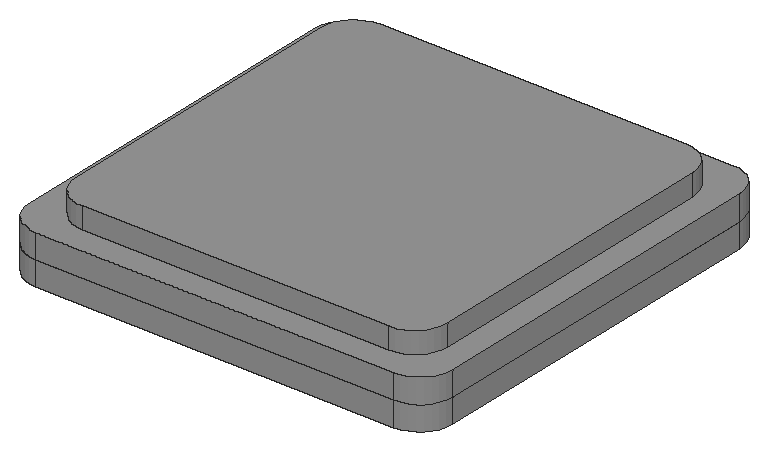
Revit family "FMS2_63_UN_Surface-mounted_ETK", category Lighting Fixtures, Revit 2019 (continued)
Definition of nested family "FMS.2 - Lightsource"
  Parameters (values of type "FMS.1110.10 - Ø270 / 18W / 1120lm / 4000K")
      \t186.7112\r\n182.5682\t178.2871\t174.1441\t170.0011\t165.8581\t161.7151\t157.5721\t153.4291\t149.4242\t145.2812\r\n141.2763\t137.2438\t133.2389\t129.2478\t125.2705\t121.307\t117.3574\t113.4353\t109.5685\t105.8675\r\n102.1802\t98.5205\t94.8609\t91.2012\t87.583\t83.9786\t80.4018\t76.8388\t73.3035\t69.7819\r\n66.288\t62.7941\t59.3278\t55.8615\t52.4228\t47.3821\t37.7704\t28.1586\t18.533\t8.9033\r\n0\t0\t0\t0\t0\t0\t0\t0\t0\t0\r\n0\r\n502.9602\t502.5459\t501.9935\t501.7173\t501.4411\t501.1649\t500.8887\t500.4744\t500.0601\t499.6458\r\n499.2315\t498.6791\t498.1267\t497.5743\t496.8838\t496.1933\t495.5028\t494.8123\t493.9837\t493.1551\r\n492.1884\t491.2217\t490.3931\t489.4264\t488.4597\t487.493\t486.3882\t485.1453\t483.9024\t482.6595\r\n481.4166\t480.1737\t478.7927\t477.2736\t475.8926\t474.3735\t472.8544\t471.4734\t469.8162\t468.159\r\n466.5018\t464.8446\t463.1874\t461.5302\t459.7349\t457.9396\t456.0062\t454.2109\t452.2775\t450.206\r\n448.2726\t446.3392\t444.2677\t442.1962\t440.1247\t437.9151\t435.8436\t433.634\t431.5625\t429.2148\r\n427.0052\t424.6575\t422.3098\t420.1002\t417.7525\t415.2667\t412.2285\t409.1903\t406.014\t402.8377\r\n399.6614\t396.4851\t393.3088\t390.2706\t387.0943\t383.7799\t380.6036\t377.2892\t374.1129\t370.7985\r\n367.4841\t364.1697\t360.9934\t357.679\t354.3646\t350.9121\t347.5977\t344.1452\t340.8308\t337.5164\r\n334.0639\t330.6114\t327.1589\t323.8445\t320.392\t317.0776\t313.6251\t310.1726\t306.7201\t303.2676\r\n299.8151\t296.3626\t292.9101\t289.5957\t286.1432\t282.6907\t279.2382\t275.7857\t272.057\t268.1902\r\n264.1853\t260.1804\t256.3136\t252.3087\t248.1657\t244.1608\t240.1559\t236.2891\t232.2842\t228.2793\r\n224.4125\t220.4076\t216.5408\t212.5359\t208.6691\t204.6642\t200.7974\t196.9306\t193.0638\t189.197\r\n185.3302\t181.6015\t177.7347\t174.006\t170.1392\t165.9962\t161.7151\t157.5721\t153.291\t149.148\r\n145.005\t140.862\t136.7742\t132.6727\t128.5849\t124.5248\t120.4922\t116.5012\t112.5239\t108.5742\r\n104.6384\t100.7163\t96.8081\t93.038\t89.4059\t85.8153\t82.2385\t78.7032\t75.1816\t71.6877\r\n68.2214\t64.7689\t61.344\t57.933\t54.5495\t51.1799\t47.824\t44.482\t34.9807\t24.9409\r\n14.8872\t4.8073\t0\t0\t0\t0\t0\t0\t0\t0\r\n0\r\n502.9602\t502.5459\t502.1316\t501.9935\t501.7173\t501.5792\t501.303\t501.0268\t500.6125\t500.3363\r\n499.922\t499.3696\t498.8172\t498.2648\t497.7124\t497.16\t496.4695\t495.779\t494.9504\t494.1218\r\n493.2932\t492.3265\t491.4979\t490.6693\t489.7026\t488.5978\t487.493\t486.2501\t485.0072\t483.7643\r\n482.5214\t481.1404\t479.7594\t478.3784\t476.8593\t475.3402\t473.9592\t472.302\t470.6448\t468.9876\r\n467.3304\t465.6732\t463.8779\t462.2207\t460.2873\t458.492\t456.4205\t454.4871\t452.5537\t450.4822\r\n448.4107\t446.3392\t444.2677\t442.0581\t439.9866\t437.777\t435.5674\t433.2197\t430.872\t428.5243\r\n426.3147\t423.8289\t421.4812\t419.1335\t416.6477\t414.1619\t411.538\t408.9141\t406.4283\t403.8044\r\n401.3186\t398.6947\t395.9327\t393.3088\t390.6849\t387.9229\t385.1609\t381.9846\t378.6702\t375.3558\r\n371.9033\t368.5889\t365.1364\t361.6839\t358.3695\t354.917\t351.4645\t348.012\t344.4214\t340.9689\r\n337.5164\t334.0639\t330.4733\t326.8827\t323.4302\t319.9777\t316.3871\t312.6584\t309.0678\t305.6153\r\n302.0247\t298.4341\t294.8435\t291.2529\t287.6623\t284.0717\t280.4811\t276.8905\t273.2999\t269.5712\r\n265.9806\t262.39\t258.7994\t255.0707\t251.4801\t247.8895\t244.2989\t240.5702\t236.9796\t233.2509\r\n229.1079\t224.9649\t220.96\t216.817\t212.674\t208.531\t204.5261\t200.5212\t196.3782\t192.3733\r\n188.3684\t184.3635\t180.3586\t176.3537\t172.4869\t168.482\t164.6152\t160.6103\t156.7435\t152.8767\r\n149.0099\t145.2812\t141.4144\t137.2576\t133.0179\t128.8197\t124.6491\t120.5475\t116.4735\t112.4134\r\n108.3809\t104.3622\t100.3849\t96.4352\t92.4994\t88.605\t84.7244\t80.899\t77.1979\t73.6902\r\n70.21\t66.7713\t63.3741\t60.0045\t56.6624\t53.3342\t50.0198\t46.733\t43.4739\t40.2147\r\n33.434\t22.676\t11.8849\t1.0588\t0\t0\t0\t0\t0\t0\r\n0\r\n502.9602\t502.684\t502.2697\t502.1316\t502.1316\t501.9935\t501.7173\t501.5792\t501.303\t500.8887\r\n500.6125\t500.0601\t499.6458\t499.2315\t498.6791\t498.1267\t497.4362\t496.7457\t496.0552\t495.2266\r\n494.398\t493.5694\t492.7408\t491.9122\t490.9455\t489.8407\t488.5978\t487.493\t486.3882\t485.2834\r\n483.9024\t482.5214\t481.0023\t479.6213\t478.2403\t476.8593\t475.2021\t473.683\t472.0258\t470.3686\r\n468.7114\t466.9161\t465.1208\t463.3255\t461.3921\t459.4587\t457.5253\t455.4538\t453.5204\t451.4489\r\n449.3774\t447.1678\t445.0963\t442.8867\t440.6771\t438.3294\t435.9817\t433.634\t431.2863\t428.9386\r\n426.4528\t423.967\t421.6193\t418.9954\t416.5096\t413.8857\t411.2618\t408.6379\t405.8759\t403.252\r\n400.49\t397.8661\t395.1041\t392.3421\t389.442\t386.68\t383.7799\t381.0179\t377.9797\t375.0796\r\n372.1795\t369.2794\t366.3793\t363.3411\t360.3029\t357.2647\t354.2265\t351.1883\t348.1501\t345.1119\r\n341.9356\t338.8974\t335.8592\t332.1305\t328.4018\t324.8112\t321.2206\t317.4919\t313.9013\t310.1726\r\n306.4439\t302.7152\t299.1246\t295.3959\t291.6672\t287.8004\t284.0717\t280.343\t276.4762\t272.7475\r\n269.0188\t265.2901\t261.4233\t257.6946\t253.8278\t250.0991\t246.2323\t242.5036\t238.6368\t234.77\r\n231.0413\t227.3126\t223.4458\t219.579\t215.8503\t211.9835\t208.2548\t204.5261\t200.7974\t196.9306\r\n193.2019\t189.4732\t185.4683\t181.3253\t177.0442\t172.9012\t168.7582\t164.6152\t160.6103\t156.4673\r\n152.4624\t148.3194\t144.3145\t140.3096\t136.3047\t132.355\t128.4882\t124.6629\t120.8237\t117.0121\r\n113.2282\t109.4304\t105.2184\t101.0754\t97.0152\t93.0103\t89.0469\t85.111\t81.2166\t77.3636\r\n73.5521\t69.7819\t66.067\t62.4074\t59.0239\t55.6819\t52.3675\t49.0669\t45.8078\t42.5624\r\n39.3447\t36.1546\t32.9921\t21.5298\t9.4198\t0\t0\t0\t0\t0\r\n0\r\n502.9602\t502.684\t502.4078\t502.4078\t502.4078\t502.2697\t502.2697\t501.9935\t501.8554\t501.5792\r\n501.303\t500.8887\t500.4744\t500.0601\t499.6458\t499.0934\t498.541\t497.8505\t497.16\t496.3314\r\n495.6409\t494.8123\t494.1218\t493.2932\t492.3265\t491.2217\t490.1169\t489.0121\t488.0454\t486.8025\r\n485.4215\t484.0405\t482.6595\t481.4166\t480.0356\t478.5165\t476.9974\t475.3402\t473.8211\t472.1639\r\n470.3686\t468.5733\t466.778\t464.9827\t463.0493\t461.1159\t459.1825\t457.2491\t455.1776\t453.1061\r\n450.8965\t448.825\t446.6154\t444.4058\t442.1962\t439.8485\t437.5008\t435.1531\t432.6673\t430.1815\r\n427.6957\t425.348\t422.7241\t420.1002\t417.4763\t414.8524\t412.2285\t409.4665\t406.7045\t403.9425\r\n401.3186\t398.5566\t395.6565\t392.7564\t389.8563\t386.9562\t384.0561\t381.0179\t378.1178\t375.0796\r\n372.0414\t369.1413\t366.1031\t362.9268\t359.7505\t356.7123\t353.536\t350.3597\t347.1834\t344.1452\r\n340.9689\t337.5164\t334.202\t331.0257\t327.8494\t324.535\t321.2206\t317.7681\t314.4537\t311.1393\r\n307.8249\t304.5105\t301.1961\t297.7436\t294.2911\t290.8386\t287.248\t283.9336\t280.6192\t277.1667\r\n273.5761\t270.1236\t266.6711\t263.0805\t259.628\t255.7612\t251.8944\t247.8895\t243.8846\t239.8797\r\n236.0129\t232.008\t228.1412\t224.1363\t220.1314\t215.9884\t211.9835\t208.1167\t204.1118\t200.1069\r\n196.102\t192.0971\t188.0922\t184.2254\t180.3586\t176.4918\t172.4869\t168.482\t164.4771\t160.6103\r\n156.7435\t152.8767\t149.0099\t145.1431\t141.4144\t137.589\t133.7913\t129.7864\t125.6158\t121.4728\r\n117.3712\t113.2696\t109.1957\t105.2046\t101.2411\t97.2776\t93.4108\t89.5855\t85.8015\t82.0866\r\n78.4132\t74.5878\t70.7348\t66.9371\t63.1946\t59.5073\t55.8615\t52.2432\t48.625\t45.0206\r\n41.43\t37.8256\t34.1936\t30.603\t27.0814\t20.2869\t6.702\t0\t0\t0\r\n0\r\n502.9602\t502.8221\t502.5459\t502.684\t502.684\t502.684\t502.684\t502.5459\t502.4078\t502.2697\r\n501.9935\t501.7173\t501.4411\t501.0268\t500.6125\t500.1982\t499.7839\t499.0934\t498.4029\t497.7124\r\n497.0219\t496.3314\t495.779\t494.8123\t493.9837\t492.8789\t491.7741\t490.8074\t489.8407\t488.5978\r\n487.3549\t485.9739\t484.731\t483.35\t482.1071\t480.588\t479.0689\t477.5498\t476.0307\t474.3735\r\n472.5782\t470.921\t469.1257\t467.1923\t465.397\t463.4636\t461.5302\t459.5968\t457.5253\t455.4538\r\n453.3823\t451.3108\t449.1012\t446.8916\t444.5439\t442.3343\t439.9866\t437.5008\t435.015\t432.6673\r\n430.1815\t427.6957\t425.2099\t422.586\t419.9621\t417.2001\t414.4381\t411.8142\t409.0522\t406.2902\r\n403.6663\t400.7662\t397.728\t394.8279\t391.9278\t389.0277\t386.1276\t383.0894\t380.0512\t377.013\r\n374.1129\t370.9366\t367.7603\t364.584\t361.4077\t358.2314\t355.0551\t351.8788\t348.7025\t345.3881\r\n342.0737\t338.7593\t335.4449\t332.1305\t328.8161\t325.3636\t321.9111\t318.5967\t315.2823\t311.9679\r\n308.5154\t304.9248\t301.4723\t297.8817\t294.4292\t290.9767\t287.3861\t283.9336\t280.343\t276.7524\r\n273.1618\t269.5712\t265.8425\t262.2519\t258.6613\t255.0707\t251.342\t247.7514\t244.0227\t240.4321\r\n236.7034\t232.9747\t229.246\t225.3792\t221.7886\t218.0599\t214.3312\t210.6025\t206.7357\t203.007\r\n199.2783\t195.6877\t191.959\t188.2303\t184.3635\t180.4967\t176.768\t172.9012\t169.3106\t165.5819\r\n161.8532\t157.9864\t154.3958\t150.6671\t146.9384\t142.7954\t138.7905\t134.6613\t130.6288\t126.6515\r\n122.688\t118.766\t114.8302\t110.8529\t106.917\t103.1055\t99.3077\t95.5238\t91.7675\t88.0388\r\n84.3515\t80.7609\t77.2808\t73.7454\t69.7957\t65.9013\t62.1864\t58.4992\t54.729\t50.8484\r\n46.9264\t42.1896\t37.3975\t32.5916\t27.8548\t23.9465\t20.3559\t16.8206\t4.1223\t0\r\n0\r\n502.9602\t502.8221\t502.8221\t502.8221\t502.9602\t503.0983\t503.2364\t503.0983\t503.0983\t502.9602\r\n502.8221\t502.5459\t502.2697\t501.9935\t501.7173\t501.303\t500.8887\t500.3363\t499.7839\t499.0934\r\n498.541\t497.9886\t497.4362\t496.6076\t495.779\t494.6742\t493.7075\t492.8789\t491.9122\t490.6693\r\n489.4264\t488.1835\t487.0787\t485.8358\t484.5929\t483.0738\t481.6928\t480.1737\t478.6546\t476.9974\r\n475.3402\t473.683\t472.0258\t470.2305\t468.2971\t466.5018\t464.7065\t462.7731\t460.7016\t458.7682\r\n456.6967\t454.6252\t452.5537\t450.3441\t447.9964\t445.7868\t443.5772\t441.0914\t438.6056\t436.2579\r\n433.9102\t431.4244\t428.9386\t426.3147\t423.6908\t420.9288\t418.3049\t415.5429\t412.919\t410.2951\r\n407.5331\t404.633\t401.5948\t398.8328\t395.9327\t393.0326\t390.1325\t387.0943\t383.918\t381.0179\r\n378.1178\t375.0796\t371.9033\t368.727\t365.5507\t362.3744\t359.1981\t356.0218\t352.8455\t349.393\r\n346.0786\t342.7642\t339.5879\t336.1354\t332.6829\t329.3685\t325.916\t322.6016\t319.4253\t315.9728\r\n312.5203\t308.9297\t305.3391\t301.8866\t298.4341\t294.8435\t291.2529\t287.6623\t284.0717\t280.4811\r\n276.8905\t273.2999\t269.5712\t265.8425\t262.2519\t258.6613\t254.9326\t251.2039\t247.4752\t243.7465\r\n240.0178\t236.2891\t232.5604\t228.6936\t224.9649\t221.0981\t217.3694\t213.5026\t209.7739\t205.9071\r\n202.1784\t198.4497\t194.721\t190.7161\t186.7112\t182.8444\t178.9776\t175.2489\t171.6583\t167.6534\r\n163.7866\t159.9198\t156.053\t152.1862\t148.3194\t144.5907\t140.7239\t137.0642\t133.3494\t129.3997\r\n125.45\t121.6661\t117.8683\t114.2363\t110.6043\t106.9584\t103.2988\t99.6392\t95.9795\t92.5408\r\n89.0883\t85.5115\t81.9347\t78.5513\t75.1816\t71.9225\t68.6633\t65.5008\t62.3383\t59.1482\r\n55.9581\t53.0995\t50.2408\t47.244\t44.2472\t41.2229\t38.2123\t35.5193\t32.8402\t30.4234\r\n14.2519\r\n502.9602\t502.8221\t502.684\t502.684\t502.8221\t502.8221\t502.8221\t502.8221\t502.684\t502.4078\r\n502.2697\t501.9935\t501.7173\t501.303\t501.0268\t500.6125\t500.0601\t499.5077\t498.8172\t498.1267\r\n497.4362\t496.8838\t496.1933\t495.3647\t494.5361\t493.5694\t492.4646\t491.4979\t490.5312\t489.2883\r\n488.0454\t486.8025\t485.5596\t484.1786\t482.9357\t481.4166\t480.0356\t478.5165\t476.9974\t475.2021\r\n473.5449\t471.8877\t470.2305\t468.2971\t466.3637\t464.5684\t462.7731\t460.7016\t458.7682\t456.6967\r\n454.6252\t452.5537\t450.3441\t448.1345\t445.9249\t443.5772\t441.3676\t438.8818\t436.396\t434.0483\r\n431.5625\t429.0767\t426.5909\t423.967\t421.3431\t418.7192\t415.9572\t413.3333\t410.5713\t407.9474\r\n405.1854\t402.2853\t399.3852\t396.4851\t393.585\t390.6849\t387.7848\t384.7466\t381.7084\t378.8083\r\n375.7701\t372.7319\t369.5556\t366.5174\t363.3411\t360.1648\t356.9885\t353.8122\t350.6359\t347.3215\r\n344.0071\t340.6927\t337.3783\t334.0639\t330.6114\t327.297\t323.9826\t320.6682\t317.3538\t314.0394\r\n310.4488\t306.9963\t303.5438\t300.0913\t296.6388\t293.1863\t289.5957\t286.0051\t282.4145\t278.8239\r\n275.3714\t271.7808\t268.1902\t264.4615\t260.8709\t257.1422\t253.5516\t249.961\t246.2323\t242.6417\r\n238.913\t235.3224\t231.5937\t227.865\t224.1363\t220.4076\t216.5408\t212.8121\t209.2215\t205.4928\r\n201.7641\t198.0354\t194.3067\t190.4399\t186.7112\t182.9825\t179.2538\t175.6632\t171.9345\t168.0677\r\n164.2009\t160.3341\t156.7435\t153.1529\t149.5623\t145.4193\t141.2763\t137.1057\t133.0593\t129.1373\r\n125.1738\t121.1551\t117.164\t113.2144\t109.32\t105.536\t101.7935\t97.9267\t94.1013\t90.3726\r\n86.6992\t83.1638\t79.7389\t76.2588\t72.2815\t68.3733\t64.7137\t61.0954\t57.5325\t54.0109\r\n50.5446\t46.6916\t42.8662\t39.0685\t35.2707\t31.473\t27.7167\t24.0156\t6.0239\t0\r\n0\r\n502.9602\t502.8221\t502.5459\t502.5459\t502.5459\t502.5459\t502.5459\t502.4078\t502.2697\t501.9935\r\n501.7173\t501.4411\t501.1649\t500.7506\t500.3363\t499.7839\t499.3696\t498.6791\t498.1267\t497.2981\r\n496.6076\t495.9171\t495.2266\t494.398\t493.5694\t492.4646\t491.3598\t490.3931\t489.4264\t488.1835\r\n486.9406\t485.5596\t484.3167\t482.9357\t481.6928\t480.1737\t478.7927\t477.2736\t475.6164\t473.9592\r\n472.302\t470.5067\t468.8495\t467.0542\t465.1208\t463.3255\t461.3921\t459.4587\t457.3872\t455.4538\r\n453.3823\t451.1727\t449.1012\t446.8916\t444.682\t442.4724\t440.1247\t437.777\t435.4293\t432.9435\r\n430.4577\t428.11\t425.6242\t423.0003\t420.5145\t417.8906\t415.1286\t412.5047\t409.8808\t407.1188\r\n404.4949\t401.7329\t398.8328\t396.0708\t393.1707\t390.2706\t387.3705\t384.4704\t381.4322\t378.5321\r\n375.632\t372.5938\t369.5556\t366.5174\t363.4792\t360.3029\t357.2647\t354.0884\t350.9121\t347.8739\r\n344.6976\t341.3832\t338.0688\t335.0306\t331.7162\t328.4018\t325.0874\t321.773\t318.5967\t315.2823\r\n312.106\t308.6535\t305.201\t301.7485\t298.4341\t295.1197\t291.8053\t288.3528\t284.9003\t281.4478\r\n277.8572\t274.4047\t271.0903\t267.7759\t264.1853\t260.3185\t256.3136\t252.3087\t248.4419\t244.5751\r\n240.5702\t236.5653\t232.6985\t228.6936\t224.8268\t220.8219\t216.817\t212.8121\t208.8072\t204.8023\r\n200.7974\t196.9306\t193.0638\t189.197\t185.1921\t181.1872\t177.3204\t173.3155\t169.4487\t165.4438\r\n161.577\t157.7102\t153.9815\t150.1147\t146.2479\t142.3811\t138.5143\t134.5094\t130.2973\t126.1682\r\n122.0804\t118.0617\t114.0706\t110.1071\t106.1575\t102.2078\t98.2167\t94.2809\t90.4417\t86.713\r\n83.0395\t79.2004\t75.3059\t71.4529\t67.6414\t63.8851\t60.1978\t56.5658\t53.0028\t49.4398\r\n45.8492\t42.2862\t38.7923\t35.3122\t31.8735\t24.278\t8.0485\t0\t0\t0\r\n0\r\n502.9602\t502.684\t502.4078\t502.4078\t502.4078\t502.2697\t502.2697\t501.9935\t501.8554\t501.5792\r\n501.303\t500.8887\t500.6125\t500.0601\t499.6458\t499.2315\t498.6791\t498.1267\t497.2981\t496.6076\r\n495.779\t495.0885\t494.398\t493.5694\t492.6027\t491.636\t490.5312\t489.4264\t488.4597\t487.3549\r\n486.112\t484.731\t483.4881\t482.1071\t480.7261\t479.3451\t477.826\t476.445\t474.7878\t473.2687\r\n471.6115\t469.8162\t468.159\t466.3637\t464.5684\t462.635\t460.8397\t458.9063\t456.9729\t454.9014\r\n452.8299\t450.7584\t448.6869\t446.6154\t444.4058\t442.1962\t439.9866\t437.6389\t435.4293\t432.9435\r\n430.5958\t428.2481\t425.7623\t423.4146\t420.7907\t418.3049\t415.8191\t413.1952\t410.5713\t407.9474\r\n405.3235\t402.6996\t399.9376\t397.1756\t394.4136\t391.6516\t388.8896\t385.9895\t383.0894\t380.1893\r\n377.4273\t374.6653\t371.6271\t368.727\t365.6888\t362.7887\t359.8886\t356.8504\t353.8122\t350.774\r\n347.7358\t344.6976\t341.6594\t337.9307\t334.3401\t330.7495\t327.297\t323.5683\t319.8396\t316.1109\r\n312.5203\t308.9297\t305.3391\t301.7485\t297.8817\t294.0149\t290.4243\t286.6956\t282.9669\t279.3763\r\n275.6476\t271.7808\t268.0521\t264.1853\t260.4566\t256.7279\t253.1373\t249.2705\t245.4037\t241.675\r\n237.9463\t234.2176\t230.3508\t226.6221\t222.8934\t219.0266\t215.2979\t211.5692\t207.8405\t204.1118\r\n200.3831\t196.6544\t192.7876\t188.5065\t184.3635\t180.2205\t176.0775\t171.9345\t167.7915\t163.6485\r\n159.5055\t155.6387\t151.6338\t147.6289\t143.4859\t139.481\t135.5866\t131.6783\t127.8254\t124.0414\r\n120.2713\t116.4873\t112.2339\t108.008\t103.8788\t99.8049\t95.7585\t91.7536\t87.7625\t83.8267\r\n79.9185\t76.0793\t72.2815\t68.5114\t64.8656\t61.3164\t57.781\t54.2733\t50.7932\t47.3407\r\n43.902\t40.4771\t37.0937\t24.1951\t10.5771\t0\t0\t0\t0\t0\r\n0\r\n502.9602\t502.684\t502.4078\t502.2697\t502.1316\t501.9935\t501.8554\t501.7173\t501.4411\t501.1649\r\n500.8887\t500.4744\t500.0601\t499.6458\t499.0934\t498.541\t497.9886\t497.4362\t496.7457\t496.0552\r\n495.2266\t494.398\t493.5694\t492.8789\t491.9122\t490.9455\t489.9788\t488.7359\t487.6311\t486.6644\r\n485.5596\t484.1786\t482.9357\t481.5547\t480.1737\t478.7927\t477.4117\t475.8926\t474.3735\t472.8544\r\n471.3353\t469.6781\t467.8828\t466.2256\t464.4303\t462.7731\t460.8397\t458.9063\t457.111\t455.1776\r\n453.2442\t451.1727\t449.1012\t447.0297\t444.9582\t442.8867\t440.6771\t438.4675\t436.2579\t434.0483\r\n431.7006\t429.491\t427.1433\t424.7956\t422.4479\t419.9621\t417.6144\t415.1286\t412.6428\t410.157\r\n407.5331\t404.9092\t402.4234\t399.9376\t397.3137\t394.5517\t391.9278\t388.8896\t385.5752\t382.2608\r\n378.8083\t375.4939\t372.1795\t368.8651\t365.5507\t362.0982\t358.6457\t355.3313\t351.8788\t348.5644\r\n345.1119\t341.6594\t338.0688\t334.6163\t331.1638\t327.7113\t324.1207\t320.6682\t317.2157\t313.6251\r\n310.1726\t306.582\t302.9914\t299.4008\t295.9483\t292.4958\t289.0433\t285.4527\t281.724\t278.1334\r\n274.5428\t271.0903\t267.4997\t264.0472\t260.4566\t256.7279\t253.1373\t249.5467\t245.9561\t242.3655\r\n238.2225\t234.2176\t230.0746\t225.9316\t221.9267\t217.9218\t213.9169\t209.7739\t205.769\t201.7641\r\n197.6211\t193.6162\t189.7494\t185.7445\t181.8777\t178.0109\t174.006\t170.1392\t166.1343\t162.2675\r\n158.4007\t154.672\t150.9433\t146.8003\t142.5192\t138.2381\t133.9846\t129.7726\t125.602\t121.459\r\n117.3712\t113.3249\t109.3062\t105.3151\t101.3102\t97.3329\t93.397\t89.5026\t85.7049\t81.9624\r\n78.2613\t74.574\t70
